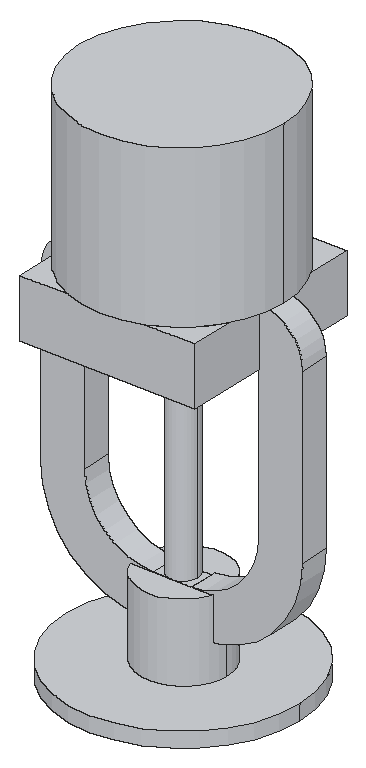
Revit family
Parameters (values of type "RASCO F156-300 PENDENT")
  Temperature Rating = 175 °F
  Response = (empty or 0)
  RASCO SIN # = "RA2514"
  RASCO Part # = "F56P5B3"
  Pressure Rating = "300 PSI"
  Pressure Class = 1
  Orifice Size = 1/2"
  Orifice = (empty or 0)
  Model = "F156-300"
  Manufacturer = "RASCO"
  K-Factor = 5.6
  Description = "Bronze Finish"
  Coverage = (empty or 0)
Reference planes (in)
  plane 1 "Center (Front/Back)": y = 0
  plane 2: z = 0
  plane 3 "Center (Left/Right)": x = 0
Dimensions and locks (in)
  aligned and locked: plane 2 to level
Nested families (in)
  nested 1: "F56P5B3" at (-0.0113, 0, 2.4375) x (-1, 0, 0) z (0, 0, -1), type "RASCO F156-300 PENDENT"
Connectors (in)
  piping at (-0.0113, 0, 2.4375)
    settings: on nested 1, index 1, connector radius 55/128", flow factor 0, pipe flow 0 GPM, pressure drop 0.00 psi, fitting loss kfactor 0, connector angle 0.00°, fixture units 0, flow configuration 0, flow direction 0, fitting loss method 0, system type 7, connector reference index -1, connector utility 0, adjustable connector no, is connector primary yes, fitting loss table "", connector description ""
Definition of nested family "F56P5B3"
  Parameters (values of type "RASCO F156-300 PENDENT")
    Type Comments = ""
    Temperature Rating = 0 °F
    Response = (empty or 0)
    Pressure Rating = "0"
    Pressure Class = (empty or 0)
    Orifice Size = 0"
    Orifice = (empty or 0)
    Model = ""
    Manufacturer = ""
    K-Factor = 0
    Description = ""
    Coverage = (empty or 0)
    Assembly Code = ""
  Reference planes (in)
    plane 1 "Center (Front/Back)": y = 0
    plane 2: z = 0
    plane 3 "ref.2": z = 0.6875
    plane 4 "ref.3": z = 0.9375
    plane 5: x = -0.38065
    plane 6: x = 0.36935
    plane 7 "ref. side 1": y = 0.06402
    plane 8 "ref. side 2": y = -0.06098
    plane 9 "ref.4": z = 1.875
    plane 10 "ref.5": z = 2.3125
    plane 11 "ref.6": z = 2.4375
  Forms (in)
    Extrusion 1, solid
      sketch origin (0, 0, 0) x (1, 0, 0) y (0, 1, 0)
        loop
          circle (0, 0) r 0.4379
      from 0 to 0.6875
    Extrusion 2, solid
      sketch origin (-0.12185, 0.05177, 0.6875) x (1, 0, 0) y (0, 1, 0)
        loop
          line (-0.2588, 0.356) -> (-0.2588, -0.4565) -> (0.4912, -0.4565) -> (0.4912, 0.356) -> (-0.2588, 0.356)
      from 0 to 0.25
    Extrusion 3, solid
      sketch origin (0, 0, 0) x (1, 0, 0) y (0, 0, 1)
        loop
          line (-0.38065, 0.68754) -> (-0.38065, 1.58397)
          arc (-0.38065, 1.58397) -> (-0.29541, 1.78976) -> (-0.08962, 1.875) r 0.29103
          line (-0.08962, 1.875) -> (0.07524, 1.875)
          arc (0.07524, 1.875) -> (0.28321, 1.78886) -> (0.36935, 1.58089) r 0.29411
          line (0.36935, 1.58089) -> (0.36935, 0.68751)
          arc (0.36935, 0.68751) -> (0.50207, 0.74393) -> (0.55685, 0.87734) r 0.18984
          line (0.55685, 0.87734) -> (0.55685, 1.61676)
          arc (0.55685, 1.61676) -> (0.42629, 1.93194) -> (0.11111, 2.0625) r 0.44574
          line (0.11111, 2.0625) -> (-0.12259, 2.0625)
          arc (-0.12259, 2.0625) -> (-0.43765, 1.932) -> (-0.56815, 1.61694) r 0.44556
          line (-0.56815, 1.61694) -> (-0.56815, 0.87876)
          arc (-0.56815, 0.87876) -> (-0.51345, 0.74486) -> (-0.38065, 0.68754) r 0.19126
      from -0.06402 to 0.06098
    Extrusion 4, solid
      sketch origin (0, 0, 0.9375) x (-1, 0, 0) y (0, -1, 0)
        loop
          circle (0.00574, -0.00152) r 0.0625
      from 0 to 0.9375
    Extrusion 5, solid
      sketch origin (0, 0, 1.875) x (-1, 0, 0) y (0, -1, 0)
        loop
          circle (0.00574, -0.00152) r 0.1875
      from 0 to 0.4375
    Extrusion 6, solid
      sketch origin (0, 0, 2.3125) x (0, -1, 0) y (1, 0, 0)
        loop
          circle (-0.00152, -0.00574) r 0.5
      from -0.10531 to -0.03987
  Cuts and joins
    joined: Extrusion 1, Extrusion 2, Extrusion 4
  Lines and regions (in)
    model lines
      curve 1: line (-0.00574, 0.06402, 1.875) -> (-0.00574, -0.06098, 1.875)
